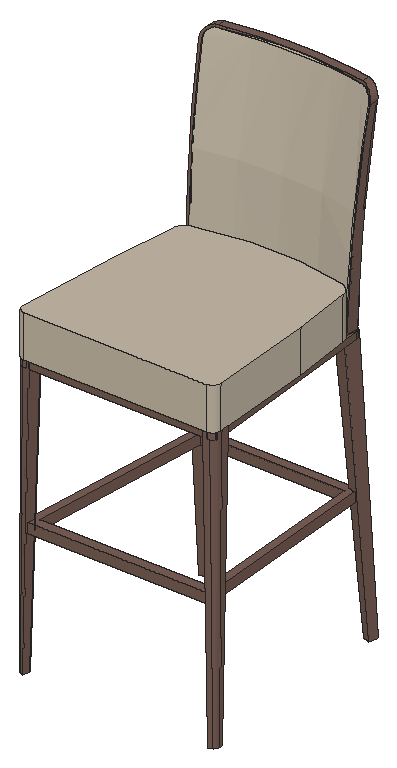
Revit family "FU_Stool_Sandler_Princess 128-42", category Furniture, Revit 2020
Family settings
  OmniClass Number = 23.40.20.00
  OmniClass Title = General Furniture and Specialties
  Work Plane-Based = No
  Always vertical = Yes
  Cut with Voids When Loaded = No
  Shared = No
  Room Calculation Point = No
Parameters (values of type "Princess 128.42")
  Width = 450 mm
  URL = "https://www.sandlerseating.com/product/princess-128-42/"
  Seat [instance] = Fabric - Mainline Flax - Upminster MLF20
  Model = "Princess 128.42"
  Manufacturer = "Sandler"
  Height = 1120 mm
  Frame [instance] = Wood - Beech - Walnut - V
  Description = "Upholstered barstool on beech wood frame."
  Depth = 540 mm
  Default Elevation = 0 mm
Reference planes
  plane 1 "Center (Front/Back)": y = 0
  plane 2: z = 0
  plane 3 "Center (Left/Right)": x = 0
  plane 4 "Right": x = -225
  plane 5 "Left": x = 225
  plane 6 "Back": y = 270
  plane 7 "Front": y = -270
  plane 8 "Height": z = 1120
  plane 9 "Seat height": z = 810
  plane 10 "Seat base RIGHT": z = 640.525
  plane 11 "Stretcher Height RIGHT": z = 299.679
Forms (mm)
  Blend 1, solid, material "Wood - Beech - Walnut - V" <- "Frame"
    base sketch origin (0, 0, 0) x (1, 0, 0) y (0, 1, 0)
      loop
        line (-181.122, 236.541) -> (-196.89, 231.796) -> (-192.887, 213.104) -> (-177.118, 217.85) -> (-181.122, 236.541)
    top sketch origin (0, 0, 0) x (1, 0, 0) y (0, 1, 0)
      loop
        line (-186.903, 190.643) -> (-180.727, 156.326) -> (-152.057, 164.954) -> (-159.335, 198.939) -> (-186.903, 190.643)
    from 0 to 640.525
  Blend 2, solid, material "Wood - Beech - Walnut - V" <- "Frame"
    base sketch origin (0, 0, 0) x (1, 0, 0) y (0, 1, 0)
      loop
        line (208.563, -245.534) -> (209.869, -263.354)
        arc (209.869, -263.354) -> (213.615, -262.154) -> (217.039, -260.216) r 19.219
        arc (217.039, -260.216) -> (221.724, -255.468) -> (224.505, -249.405) r 19.219
        arc (224.505, -249.405) -> (225.082, -245.887) -> (225, -242.322) r 19.219
        line (225, -242.322) -> (210.414, -243.391)
        arc (210.414, -243.391) -> (209.044, -244.079) -> (208.563, -245.534) r 2.002
    top sketch origin (0, 0, 0) x (1, 0, 0) y (0, 1, 0)
      loop
        arc (197.281, -228.186) -> (195.316, -229.254) -> (194.637, -231.385) r 3
        line (194.637, -231.385) -> (196.979, -263.353) -> (210.198, -261.813)
        arc (210.198, -261.813) -> (221.275, -255.79) -> (225.107, -243.779) r 16.911
        line (225.107, -243.779) -> (223.738, -225.103) -> (197.281, -228.186)
    from 0 to 640.525
  Blend 3, solid, material "Wood - Beech - Walnut - V" <- "Frame"
    base sketch origin (0, 0, 0) x (-1, 0, 0) y (0, -1, 0)
      loop
        line (-181.122, -236.541) -> (-177.118, -217.85) -> (-192.887, -213.104) -> (-196.89, -231.796) -> (-181.122, -236.541)
    top sketch origin (0, 0, 0) x (-1, 0, 0) y (0, -1, 0)
      loop
        line (-186.903, -190.643) -> (-159.335, -198.939) -> (-152.057, -164.954) -> (-180.727, -156.326) -> (-186.903, -190.643)
    from 0 to 640.525
  Blend 4, solid, material "Wood - Beech - Walnut - V" <- "Frame"
    base sketch origin (0, 0, 0) x (-1, 0, 0) y (0, -1, 0)
      loop
        arc (208.563, 245.534) -> (209.044, 244.079) -> (210.414, 243.391) r 2.002
        line (210.414, 243.391) -> (225, 242.322)
        arc (225, 242.322) -> (225.082, 245.887) -> (224.505, 249.405) r 19.219
        arc (224.505, 249.405) -> (221.724, 255.468) -> (217.039, 260.216) r 19.219
        arc (217.039, 260.216) -> (213.615, 262.154) -> (209.869, 263.354) r 19.219
        line (209.869, 263.354) -> (208.563, 245.534)
    top sketch origin (0, 0, 0) x (-1, 0, 0) y (0, -1, 0)
      loop
        line (197.281, 228.186) -> (223.738, 225.103) -> (225.107, 243.779)
        arc (225.107, 243.779) -> (221.275, 255.79) -> (210.198, 261.813) r 16.911
        line (210.198, 261.813) -> (196.979, 263.353) -> (194.637, 231.385)
        arc (194.637, 231.385) -> (195.316, 229.254) -> (197.281, 228.186) r 3
    from 0 to 640.525
  Extrusion 5, solid, material "Wood - Beech - Walnut - V" <- "Frame"
    sketch origin (0, 0, 640.525) x (1, 0, 0) y (0, 1, 0)
      loop
        line (-143.331, 178.247) -> (-194.457, -230.552) -> (194.457, -230.552) -> (143.325, 178.298)
        arc (143.325, 178.298) -> (-0.006, 194.815) -> (-143.331, 178.247) r 629.167
      loop
        arc (-174.748, 198.879) -> (-184.381, 192.826) -> (-189.155, 182.498) r 20
        arc (-189.155, 182.498) -> (-213.431, -31.318) -> (-224.196, -246.238) r 3416.099
        arc (-224.196, -246.238) -> (-220.01, -257.328) -> (-209.342, -262.494) r 16
        arc (-209.342, -262.494) -> (-0.003, -270) -> (209.337, -262.569) r 2937.517
        arc (209.337, -262.569) -> (220.009, -257.404) -> (224.197, -246.313) r 16
        arc (224.197, -246.313) -> (213.431, -31.324) -> (189.146, 182.56) r 3416.099
        arc (189.146, 182.56) -> (184.37, 192.89) -> (174.732, 198.942) r 20
        arc (174.732, 198.942) -> (-0.012, 222.856) -> (-174.748, 198.879) r 649.536
    from 0 to -15
  Extrusion 6, solid, material "Wood - Beech - Walnut - V" <- "Frame"
    sketch origin (0, 0, 299.679) x (1, 0, 0) y (0, 1, 0)
      loop
        line (-210.419, -258.765) -> (210.419, -258.765) -> (180.406, 201.266) -> (-180.406, 201.266) -> (-210.419, -258.765)
      loop
        line (-163.93, 180.167) -> (-191.191, -237.666) -> (191.191, -237.666) -> (163.93, 180.167) -> (-163.93, 180.167)
    from -11.028 to 11
  SweptBlend 7, solid, material "Fabric - Mainline Flax - Upminster MLF20" <- "Seat"
    path origin (0, 0, 0) x (0, 1, 0) y (0, 0, 1)
      loop
        arc (222.976, 625.525) -> (234.17, 877.487) -> (273.314, 1126.641) r 2264.419
    profile "pro_128-42_back-base_Uph : pro_128-42_back-base_Uph" origin (0, 222.976, 625.525) x (0, -0.999936, -0.011321) y (1, 0, 0)
      loop
        line (27.455, -200) -> (64.236, -200)
        arc (64.236, -200) -> (35.063, 0) -> (64.236, 200) r 700.157
        line (64.236, 200) -> (27.455, 200)
        arc (27.455, 200) -> (0, 0) -> (27.455, -200) r 742.182
    end profile "pro_128-42_back-top : pro_128-42_back-top" origin (0, 273.314, 1126.641) x (0, -0.977706, 0.209979) y (1, 0, 0)
      loop
        line (31.624, -200) -> (48.549, -200)
        arc (48.549, -200) -> (17.266, 0) -> (48.549, 200) r 654.967
        line (48.549, 200) -> (31.624, 200)
        arc (31.624, 200) -> (0, 0) -> (31.624, -200) r 648.239
  Extrusion 8, void
    sketch origin (0, 0, 0) x (1, 0, 0) y (0, 0, 1)
      loop
        line (-176.698, 615.8) -> (176.698, 615.8) -> (188.968, 1087.333)
        arc (188.968, 1087.333) -> (181.399, 1105.912) -> (162.609, 1112.983) r 25
        arc (162.609, 1112.983) -> (-0.003, 1108.53) -> (-162.617, 1112.946) r 2983.34
        arc (-162.617, 1112.946) -> (-181.401, 1105.91) -> (-188.968, 1087.333) r 25
        line (-188.968, 1087.333) -> (-176.698, 615.8)
      loop
        line (-225, 1148.397) -> (-225, 615.8) -> (-181.698, 615.8) -> (-193.965, 1087.195)
        arc (-193.965, 1087.195) -> (-184.885, 1109.487) -> (-162.346, 1117.931) r 30
        arc (-162.346, 1117.931) -> (-0.004, 1113.53) -> (162.339, 1117.931) r 2983.34
        arc (162.339, 1117.931) -> (184.883, 1109.489) -> (193.965, 1087.195) r 30
        line (193.965, 1087.195) -> (181.698, 615.8) -> (225, 615.8) -> (225, 1148.397) -> (-225, 1148.397)
    from -283.443 to -145.777
  Extrusion 9, void
    sketch origin (0, 0, 0) x (1, 0, 0) y (0, 0, 1)
      loop
        line (-177.341, 640.525) -> (177.341, 640.525) -> (188.969, 1087.371)
        arc (188.969, 1087.371) -> (181.4, 1105.95) -> (162.612, 1112.984) r 25
        arc (162.612, 1112.984) -> (-0.002, 1108.53) -> (-162.617, 1112.946) r 2983.34
        arc (-162.617, 1112.946) -> (-181.401, 1105.91) -> (-188.968, 1087.333) r 25
        line (-188.968, 1087.333) -> (-177.341, 640.525)
      loop
        line (-225, 1148.397) -> (-225, 615.8) -> (225, 615.8) -> (225, 1148.397) -> (-225, 1148.397)
    from -280.004 to -148.324
  SweptBlend 10, solid, material "Wood - Beech - Walnut - V" <- "Frame"
    path origin (0, 0, 0) x (0, 1, 0) y (0, 0, 1)
      loop
        arc (222.976, 625.525) -> (234.17, 877.487) -> (273.314, 1126.641) r 2264.419
    profile "pro_128-42_back-base : pro_128-42_back-base" origin (0, 222.976, 625.525) x (0, -0.999936, -0.011321) y (1, 0, 0)
      loop
        line (35.208, -200) -> (63.332, -200)
        arc (63.332, -200) -> (31.55, 0) -> (63.332, 200) r 645.18
        line (63.332, 200) -> (35.208, 200)
        arc (35.208, 200) -> (3.5, 0) -> (35.208, -200) r 646.615
    end profile "pro_128-42_back-top : pro_128-42_back-top" origin (0, 273.314, 1126.641) x (0, -0.977706, 0.209979) y (1, 0, 0)
      loop
        line (31.624, -200) -> (48.549, -200)
        arc (48.549, -200) -> (17.266, 0) -> (48.549, 200) r 654.967
        line (48.549, 200) -> (31.624, 200)
        arc (31.624, 200) -> (0, 0) -> (31.624, -200) r 648.239
  Extrusion 11, solid, material "Fabric - Mainline Flax - Upminster MLF20" <- "Seat"
    sketch origin (0, 0, 640.525) x (1, 0, 0) y (0, 1, 0)
      loop
        arc (-166.918, 168.093) -> (-184.889, 157.165) -> (-193.351, 137.91) r 35
        line (-193.351, 137.91) -> (-208.442, -0.113)
        arc (-208.442, -0.113) -> (-219.188, -122.427) -> (-224.723, -245.087) r 2886.912
        arc (-224.723, -245.087) -> (-219.995, -257.682) -> (-207.856, -263.481) r 18
        arc (-207.856, -263.481) -> (0, -270) -> (207.854, -263.481) r 3320.935
        arc (207.854, -263.481) -> (219.994, -257.682) -> (224.723, -245.087) r 18
        arc (224.723, -245.087) -> (219.188, -122.427) -> (208.442, -0.113) r 2886.912
        line (208.442, -0.113) -> (193.351, 137.91)
        arc (193.351, 137.91) -> (184.889, 157.165) -> (166.918, 168.093) r 35
        arc (166.918, 168.093) -> (0, 188.32) -> (-166.918, 168.093) r 698.86
    from 0 to 95.11
Cuts and joins
  Extrusion 9 cuts SweptBlend 7
  Extrusion 8 cuts SweptBlend 10
Dimensions and locks
  equal spacing: plane 4 "Right", plane 3 "Center (Left/Right)", plane 5 "Left"
  "Width": plane 4 "Right" to plane 5 "Left"
  equal spacing: plane 6 "Back", plane 1 "Center (Front/Back)", plane 7 "Front"
  "Depth": plane 6 "Back" to plane 7 "Front"
  "Height": plane 8 "Height" to level
  plane 9 "Seat height" to level = 810 mm
  aligned and locked: level to plane 2
Automatic sketch dimensions
  Blend 1 sketch curve to plane 4 "Right" = 28.11 mm
  Blend 1 sketch curve to Blend 1 sketch curve = 4.003 mm
  Blend 1 sketch curve to Blend 1 sketch curve = 15.768 mm  (x2)
  Blend 1 sketch curve to plane 6 "Back" = 56.896 mm
  Blend 1 sketch curve to Blend 1 sketch curve = 4.745 mm  (x2)
  Blend 1 sketch curve to Blend 1 sketch curve = 18.692 mm
  Blend 1 sketch curve to plane 4 "Right" = 38.097 mm
  Blend 1 sketch curve to Blend 1 sketch curve = 6.176 mm
  Blend 1 sketch curve to Blend 1 sketch curve = 27.567 mm
  Blend 1 sketch curve to Blend 1 sketch curve = 28.67 mm
  Blend 1 sketch curve to plane 6 "Back" = 113.674 mm
  Blend 1 sketch curve to Blend 1 sketch curve = 8.628 mm
  Blend 1 sketch curve to Blend 1 sketch curve = 34.317 mm
  Blend 1 sketch curve to Blend 1 sketch curve = 8.296 mm
  Blend 2 sketch curve to Blend 2 sketch curve = 0 mm  (x6)
  Blend 2 sketch curve to plane 5 "Left" = 0 mm
  plane 5 "Left" to Blend 2 sketch curve = 14.44 mm
  Blend 2 sketch curve to Blend 2 sketch curve = 0.146 mm  (x2)
  plane 7 "Front" to Blend 2 sketch curve = 6.646 mm
  plane 5 "Left" to Blend 2 sketch curve = 15.131 mm
  Blend 2 sketch curve to Blend 2 sketch curve = 1.997 mm
  Blend 2 sketch curve to Blend 2 sketch curve = 2.653 mm
  Blend 2 sketch curve to Blend 2 sketch curve = 17.82 mm
  Blend 2 sketch curve to Blend 2 sketch curve = 0.987 mm
  plane 5 "Left" to Blend 2 sketch curve = 0.495 mm
  Blend 2 sketch curve to Blend 2 sketch curve = 7.17 mm
  plane 5 "Left" to Blend 2 sketch curve = 30.363 mm
  plane 7 "Front" to Blend 2 sketch curve = 6.647 mm
  plane 5 "Left" to Blend 2 sketch curve = 28.021 mm
  Blend 2 sketch curve to Blend 2 sketch curve = 2.645 mm
  Blend 2 sketch curve to Blend 2 sketch curve = 2.992 mm
  plane 5 "Left" to Blend 2 sketch curve = 16.759 mm
  plane 7 "Front" to Blend 2 sketch curve = 8.187 mm
  Blend 2 sketch curve to Blend 2 sketch curve = 13.219 mm
  plane 5 "Left" to Blend 2 sketch curve = 1.262 mm
  Blend 2 sketch curve to plane 5 "Left" = 0.107 mm
  Blend 2 sketch curve to Blend 2 sketch curve = 16.797 mm
  Blend 2 sketch curve to Blend 2 sketch curve = 13.63 mm
  Blend 2 sketch curve to Blend 2 sketch curve = 0.219 mm
  Blend 2 sketch curve to Blend 2 sketch curve = 18.677 mm
  Blend 3 sketch curve to plane 5 "Left" = 28.11 mm
  Blend 3 sketch curve to Blend 3 sketch curve = 4.003 mm
  Blend 3 sketch curve to Blend 3 sketch curve = 15.768 mm  (x2)
  plane 6 "Back" to Blend 3 sketch curve = 56.896 mm
  Blend 3 sketch curve to Blend 3 sketch curve = 4.745 mm  (x2)
  Blend 3 sketch curve to Blend 3 sketch curve = 18.692 mm
  Blend 3 sketch curve to plane 5 "Left" = 38.097 mm
  Blend 3 sketch curve to Blend 3 sketch curve = 6.176 mm
  Blend 3 sketch curve to Blend 3 sketch curve = 27.567 mm
  Blend 3 sketch curve to Blend 3 sketch curve = 28.67 mm
  plane 6 "Back" to Blend 3 sketch curve = 113.674 mm
  Blend 3 sketch curve to Blend 3 sketch curve = 8.628 mm
  Blend 3 sketch curve to Blend 3 sketch curve = 34.317 mm
  Blend 3 sketch curve to Blend 3 sketch curve = 8.296 mm
  Blend 4 sketch curve to Blend 4 sketch curve = 0 mm  (x6)
  Blend 4 sketch curve to plane 4 "Right" = 0 mm
  plane 4 "Right" to Blend 4 sketch curve = 14.44 mm
  Blend 4 sketch curve to Blend 4 sketch curve = 0.146 mm  (x2)
  Blend 4 sketch curve to plane 7 "Front" = 6.646 mm
  plane 4 "Right" to Blend 4 sketch curve = 15.131 mm
  Blend 4 sketch curve to Blend 4 sketch curve = 1.997 mm
  Blend 4 sketch curve to Blend 4 sketch curve = 2.653 mm
  Blend 4 sketch curve to Blend 4 sketch curve = 17.82 mm
  Blend 4 sketch curve to Blend 4 sketch curve = 0.987 mm
  plane 4 "Right" to Blend 4 sketch curve = 0.495 mm
  Blend 4 sketch curve to Blend 4 sketch curve = 7.17 mm
  plane 4 "Right" to Blend 4 sketch curve = 30.363 mm
  Blend 4 sketch curve to plane 7 "Front" = 6.647 mm
  plane 4 "Right" to Blend 4 sketch curve = 28.021 mm
  Blend 4 sketch curve to Blend 4 sketch curve = 2.645 mm
  Blend 4 sketch curve to Blend 4 sketch curve = 2.992 mm
  plane 4 "Right" to Blend 4 sketch curve = 16.759 mm
  Blend 4 sketch curve to plane 7 "Front" = 8.187 mm
  Blend 4 sketch curve to Blend 4 sketch curve = 13.219 mm
  plane 4 "Right" to Blend 4 sketch curve = 1.262 mm
  Blend 4 sketch curve to plane 4 "Right" = 0.107 mm
  Blend 4 sketch curve to Blend 4 sketch curve = 16.797 mm
  Blend 4 sketch curve to Blend 4 sketch curve = 13.63 mm
  Blend 4 sketch curve to Blend 4 sketch curve = 0.219 mm
  Blend 4 sketch curve to Blend 4 sketch curve = 18.677 mm
  Extrusion 5 sketch curve to plane 7 "Front" = 39.588 mm  (x2)
  plane 4 "Right" to Extrusion 5 sketch curve = 2966.316 mm
  Extrusion 5 sketch curve to plane 4 "Right" = 16.802 mm
  Extrusion 5 sketch curve to Extrusion 5 sketch curve = 13.742 mm
  Extrusion 5 sketch curve to plane 4 "Right" = 55.636 mm
  Extrusion 5 sketch curve to Extrusion 5 sketch curve = 26.033 mm
  plane 3 "Center (Left/Right)" to Extrusion 5 sketch curve = 0.105 mm  (x2)
  plane 3 "Center (Left/Right)" to Extrusion 5 sketch curve = 0.521 mm
  plane 5 "Left" to Extrusion 5 sketch curve = 81.675 mm
  Extrusion 5 sketch curve to Extrusion 5 sketch curve = 26.03 mm
  plane 5 "Left" to Extrusion 5 sketch curve = 30.543 mm
  plane 5 "Left" to Extrusion 5 sketch curve = 16.8 mm
  Extrusion 5 sketch curve to plane 5 "Left" = 2966.316 mm
  Extrusion 5 sketch curve to plane 7 "Front" = 156.68 mm
  Extrusion 5 sketch curve to Extrusion 5 sketch curve = 7.671 mm
  plane 7 "Front" to Extrusion 5 sketch curve = 23.391 mm
  plane 7 "Front" to Extrusion 5 sketch curve = 23.465 mm
  Extrusion 5 sketch curve to Extrusion 5 sketch curve = 16.057 mm
  Extrusion 5 sketch curve to plane 6 "Back" = 91.753 mm
  Extrusion 5 sketch curve to Extrusion 5 sketch curve = 1.37 mm
  Extrusion 5 sketch curve to Extrusion 5 sketch curve = 1.381 mm
  plane 6 "Back" to Extrusion 5 sketch curve = 2397.517 mm
  Extrusion 5 sketch curve to plane 4 "Right" = 0.804 mm
  Extrusion 5 sketch curve to Extrusion 5 sketch curve = 0 mm  (x7)
  Extrusion 6 sketch curve to plane 4 "Right" = 14.581 mm
  Extrusion 6 sketch curve to plane 4 "Right" = 44.594 mm
  plane 5 "Left" to Extrusion 6 sketch curve = 44.594 mm
  plane 5 "Left" to Extrusion 6 sketch curve = 14.581 mm
  plane 7 "Front" to Extrusion 6 sketch curve = 11.235 mm
  Extrusion 6 sketch curve to plane 6 "Back" = 68.734 mm
  Extrusion 6 sketch curve to plane 4 "Right" = 33.809 mm
  Extrusion 6 sketch curve to Extrusion 6 sketch curve = 16.476 mm  (x2)
  Extrusion 6 sketch curve to Extrusion 6 sketch curve = 19.229 mm
  plane 7 "Front" to Extrusion 6 sketch curve = 32.334 mm
  Extrusion 6 sketch curve to Extrusion 6 sketch curve = 21.099 mm
  SweptBlend 7 sketch curve to plane 10 "Seat base RIGHT" = 10.636 mm
  plane 6 "Back" to SweptBlend 7 sketch curve = 2217.251 mm
  plane 6 "Back" to SweptBlend 7 sketch curve = 3.314 mm
  plane 10 "Seat base RIGHT" to SweptBlend 7 sketch curve = 15 mm
  SweptBlend 7 sketch curve to plane 1 "Center (Front/Back)" = 222.976 mm
  plane 4 "Right" to Extrusion 9 sketch curve = 0 mm
  Extrusion 9 sketch curve to plane 10 "Seat base RIGHT" = 0 mm
  plane 5 "Left" to Extrusion 9 sketch curve = 0 mm
  Extrusion 9 sketch curve to plane 4 "Right" = 36.032 mm
  Extrusion 9 sketch curve to plane 4 "Right" = 47.659 mm
  Extrusion 9 sketch curve to Extrusion 9 sketch curve = 24.992 mm  (x2)
  Extrusion 9 sketch curve to plane 3 "Center (Left/Right)" = 0.347 mm
  plane 5 "Left" to Extrusion 9 sketch curve = 61.022 mm
  plane 5 "Left" to Extrusion 9 sketch curve = 47.659 mm
  plane 10 "Seat base RIGHT" to Extrusion 9 sketch curve = 24.725 mm
  Extrusion 9 sketch curve to plane 8 "Height" = 32.667 mm
  Extrusion 9 sketch curve to plane 8 "Height" = 32.629 mm
  Extrusion 9 sketch curve to Extrusion 9 sketch curve = 0.65 mm  (x2)
  plane 8 "Height" to Extrusion 9 sketch curve = 28.397 mm
  Extrusion 9 sketch curve to Extrusion 9 sketch curve = 2943.473 mm
  Extrusion 9 sketch curve to Extrusion 9 sketch curve = 0 mm
  plane 4 "Right" to Extrusion 8 sketch curve = 0 mm
  plane 5 "Left" to Extrusion 8 sketch curve = 0 mm
  Extrusion 8 sketch curve to plane 4 "Right" = 31.035 mm
  Extrusion 8 sketch curve to Extrusion 8 sketch curve = 4.996 mm  (x2)
  Extrusion 8 sketch curve to plane 4 "Right" = 43.302 mm
  Extrusion 8 sketch curve to Extrusion 8 sketch curve = 24.992 mm  (x2)
  Extrusion 8 sketch curve to Extrusion 8 sketch curve = 0.002 mm  (x4)
  Extrusion 8 sketch curve to plane 3 "Center (Left/Right)" = 0.347 mm  (x2)
  plane 5 "Left" to Extrusion 8 sketch curve = 61.025 mm
  Extrusion 8 sketch curve to Extrusion 8 sketch curve = 43.302 mm
  plane 10 "Seat base RIGHT" to Extrusion 8 sketch curve = 24.725 mm  (x2)
  Extrusion 8 sketch curve to plane 8 "Height" = 32.805 mm  (x2)
  Extrusion 8 sketch curve to Extrusion 8 sketch curve = 0.138 mm  (x2)
  Extrusion 8 sketch curve to Extrusion 8 sketch curve = 0.643 mm  (x2)
  Extrusion 8 sketch curve to Extrusion 8 sketch curve = 0.008 mm  (x2)
  plane 8 "Height" to Extrusion 8 sketch curve = 28.397 mm
  Extrusion 8 sketch curve to Extrusion 8 sketch curve = 2943.473 mm
  Extrusion 8 sketch curve to Extrusion 8 sketch curve = 5 mm  (x3)
  Extrusion 8 sketch curve to Extrusion 8 sketch curve = 0 mm  (x3)
  Extrusion 8 sketch curve to plane 8 "Height" = 2.069 mm
  Extrusion 8 sketch curve to Extrusion 8 sketch curve = 0.27 mm
  SweptBlend 10 sketch curve to plane 10 "Seat base RIGHT" = 10.636 mm
  plane 6 "Back" to SweptBlend 10 sketch curve = 2217.251 mm
  plane 6 "Back" to SweptBlend 10 sketch curve = 3.314 mm
  plane 10 "Seat base RIGHT" to SweptBlend 10 sketch curve = 15 mm
  SweptBlend 10 sketch curve to plane 1 "Center (Front/Back)" = 222.976 mm
  Extrusion 11 sketch curve to plane 7 "Front" = 43.877 mm  (x2)
  plane 4 "Right" to Extrusion 11 sketch curve = 2436.369 mm
  plane 1 "Center (Front/Back)" to Extrusion 11 sketch curve = 0.113 mm  (x2)
  Extrusion 11 sketch curve to plane 4 "Right" = 16.558 mm
  Extrusion 11 sketch curve to plane 4 "Right" = 18.271 mm
  Extrusion 11 sketch curve to plane 4 "Right" = 31.649 mm
  Extrusion 11 sketch curve to Extrusion 11 sketch curve = 34.793 mm
  plane 3 "Center (Left/Right)" to Extrusion 11 sketch curve = 0 mm
  plane 3 "Center (Left/Right)" to Extrusion 11 sketch curve = 0.131 mm
  plane 5 "Left" to Extrusion 11 sketch curve = 66.441 mm
  plane 5 "Left" to Extrusion 11 sketch curve = 31.649 mm
  plane 5 "Left" to Extrusion 11 sketch curve = 18.271 mm
  plane 5 "Left" to Extrusion 11 sketch curve = 16.558 mm
  Extrusion 11 sketch curve to plane 5 "Left" = 2436.369 mm
  Extrusion 11 sketch curve to plane 7 "Front" = 240.541 mm
  plane 7 "Front" to Extrusion 11 sketch curve = 24.484 mm  (x2)
  Extrusion 11 sketch curve to plane 1 "Center (Front/Back)" = 134.106 mm  (x2)
  Extrusion 11 sketch curve to Extrusion 11 sketch curve = 3.804 mm  (x2)
  plane 6 "Back" to Extrusion 11 sketch curve = 2780.935 mm
  Extrusion 11 sketch curve to Extrusion 11 sketch curve = 0 mm  (x3)
  plane 7 "Front" to Extrusion 11 sketch curve = 6.519 mm
  plane 5 "Left" to Extrusion 11 sketch curve = 17.146 mm
  Extrusion 11 sketch curve to Extrusion 11 sketch curve = 0.001 mm
